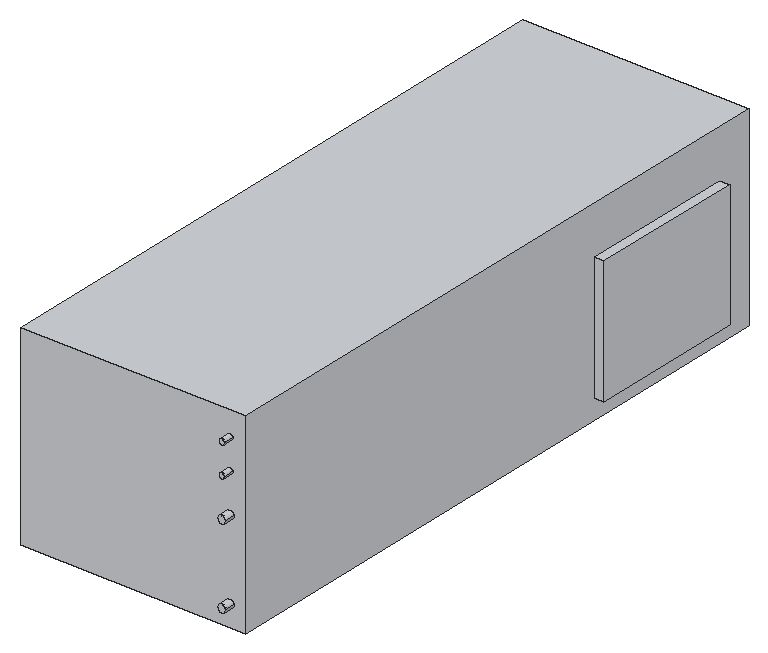
Revit family "5e941faf4a0d42d5ae8f11337c3e5ffb", category Mechanical Equipment, Revit 2021
Family settings
  Round Connector Dimension = Use Radius
  Part Type = Normal
  OmniClass Number = 23.75.10.21.17
  OmniClass Title = Water-Source Heat Pumps
  Seek Item ID = WSHP - Horizontal - High Efficiency - 2-5 Tons - Left Return - Right Discharge-0000-USA-ENU
  Work Plane-Based = No
  Always vertical = Yes
  Cut with Voids When Loaded = No
  Shared = No
  Room Calculation Point = No
Parameters (values of type "2 Tons")
  Water Supply Radius = 3/8"
  Water Supply Diameter = Water Supply Radius * 2  # 3/4"
  Water Return Radius = 3/8"
  Water Return Diameter = Water Return Radius * 2  # 3/4"
  Water Pressure Drop [instance] = 3.50 psi
  Water Flow [instance] = 8 GPM
  Voltage = 208 V
  Supply Air Width = 15 1/2"
  Supply Air Height = 12 1/2"
  Return Air Height = 17 77/256"
  Return Air Width = 32 13/128"
  Pump Width = 5' - 2 51/256"
  Pump Material = none
  Pump Length = 1' - 10 51/128"
  Pump Height = 1' - 7 77/256"
  Number of Poles = 3
  Load Classification = Cooling
  Hot Water Supply Radius = 1/4"
  Hot Water Supply Diameter = Hot Water Supply Radius * 2  # 1/2"
  Hot Water Return Radius = 1/4"
  Hot Water Return Diameter = Hot Water Return Radius * 2  # 1/2"
  Hot Water Flow [instance] = 5 GPM
  Default Elevation = 0' - 0"
  Condensate Radius = 3/8"
  Drain Flow [instance] = 0 GPM
  Condensate Diameter = Condensate Radius * 2  # 3/4"
  C6 Offset 1 = 0' - 2 51/256"
  C5 Offset 2 = 0' - 3 77/128"
  C5 Offset 1 = 0' - 2"
  C4 Offset 1 = 1' - 1 115/128"
  C3 Offset 1 = 1' - 4 115/128"
  C2 Offset 1 = 0' - 10"
  C1 Offset 1 = 0' - 2 13/128"
  Apparent Load = 3952 VA
  External Static Pressure [instance] = 0.60 in-wg
  Air Flow [instance] = 800 CFM
Types (5): name | Water Supply Radius | Water Supply Diameter | Water Return Radius | Water Return Diameter | Water Pressure Drop | Water Flow | Supply Air Width | Supply Air Height | Return Air Height | Return Air Width | Pump Width | Pump Length | Pump Height | Hot Water Flow | C5 Offset 2 | C5 Offset 1 | C4 Offset 1 | C3 Offset 1 | C2 Offset 1 | C1 Offset 1 | Apparent Load | External Static Pressure | Air Flow
  (no name) | 3/8" | 3/4" | 3/8" | 3/4" | 3.50 psi | 8 GPM | 15 1/2" | 12 1/2" | 17 77/256" | 32 13/128" | 5' - 2 51/256" | 1' - 10 51/128" | 1' - 7 77/256" | 5 GPM | 0' - 3 77/128" | 0' - 2" | 1' - 1 115/128" | 1' - 4 115/128" | 0' - 10" | 0' - 2 13/128" | 3952 VA | 0.60 in-wg | 800 CFM
  2 Tons | 3/8" | 3/4" | 3/8" | 3/4" | 3.50 psi | 8 GPM | 15 1/2" | 12 1/2" | 17 77/256" | 32 13/128" | 5' - 2 51/256" | 1' - 10 51/128" | 1' - 7 77/256" | 5 GPM | 0' - 3 77/128" | 0' - 2" | 1' - 1 115/128" | 1' - 4 115/128" | 0' - 10" | 0' - 2 13/128" | 3952 VA | 0.60 in-wg | 800 CFM
  3 Tons | 3/8" | 3/4" | 3/8" | 3/4" | 4.50 psi | 9 GPM | 17 1/2" | 19" | 19 77/256" | 36 13/128" | 5' - 11 51/256" | 2' - 1 51/128" | 1' - 9 77/256" | 8 GPM | 0' - 3 13/128" | 0' - 1" | 1' - 2 77/128" | 1' - 6 115/128" | 0' - 10 205/256" | 0' - 5 123/128" | 5283 VA | 0.60 in-wg | 1200 CFM
  4 Tons | 1/2" | 1" | 1/2" | 1" | 3.60 psi | 12 GPM | 17 1/2" | 19" | 19 77/256" | 41 13/128" | 6' - 4 51/256" | 2' - 1 51/128" | 1' - 9 77/256" | 10 GPM | 0' - 3 13/128" | 0' - 1" | 1' - 3 77/128" | 1' - 6 115/128" | 0' - 10 205/256" | 0' - 5 123/128" | 6780 VA | 0.80 in-wg | 1600 CFM
  5 Tons | 1/2" | 1" | 1/2" | 1" | 3.60 psi | 15 GPM | 17 1/2" | 19" | 19 77/256" | 46 13/128" | 6' - 9 51/256" | 2' - 1 51/128" | 1' - 9 77/256" | 13 GPM | 0' - 3 13/128" | 0' - 1" | 1' - 3 77/128" | 1' - 6 115/128" | 0' - 10 205/256" | 0' - 5 123/128" | 7696 VA | 0.80 in-wg | 2000 CFM
Reference planes (in)
  plane 1 "Center (Front/Back)": y = 0
  plane 2: z = 0
  plane 3 "Center (Left/Right)": x = 0
  plane 4: y = 62.19922
  plane 5: x = 22.39844
  plane 6: z = 19.30078
  plane 7: y = 60
  plane 8: y = 27.89844
  plane 9: z = 9.65039
  plane 10: z = 18.30078
  plane 11: z = 1
  plane 12: x = -1
  plane 13: y = 63.19922
  plane 14: z = 3.4
  plane 15: z = 3.4
  plane 16: x = 20.14844
  plane 17: z = 14.30078
  plane 18: x = 1.6
  plane 19: x = 20.79844
  plane 20: z = 2.10156
  plane 21: z = 10
  plane 22: z = 13.89844
  plane 23: z = 16.89844
  plane 24: y = -1
  plane 25: y = 58.59766
  plane 26: y = 43.09766
  plane 27: z = 2
  plane 28: z = 14.5
  plane 29: x = 23.39844
Forms (in)
  Extrusion 1, solid, material <- "Pump Material"
    sketch origin (0, 0, 0) x (1, 0, 0) y (0, 1, 0)
      loop
        line (0, 0) -> (22.39844, 0) -> (22.39844, 62.19922) -> (0, 62.19922) -> (0, 0)
    from 0 to 19.30078
  Extrusion 2, solid, material <- "Pump Material"
    sketch origin (0, 0, 0) x (0, 1, 0) y (0, 0, 1)
      loop
        line (60, 1) -> (60, 18.30078) -> (27.89844, 18.30078) -> (27.89844, 1) -> (60, 1)
    from -1 to 0
  Extrusion 3, solid, material <- "Pump Material"
    sketch origin (0, 0, 0) x (1, 0, 0) y (0, 0, 1)
      loop
        circle (20.14844, 3.4) r 0.375
    from -63.19922 to -62.19922
  Extrusion 4, solid, material <- "Pump Material"
    sketch origin (0, 0, 0) x (1, 0, 0) y (0, 0, 1)
      loop
        circle (1.6, 14.30078) r 1
    from -2.46248 to 0
  Extrusion 5, solid, material <- "Pump Material"
    sketch origin (0, 0, 0) x (1, 0, 0) y (0, 0, 1)
      loop
        circle (20.79844, 2.10156) r 0.375
    from 0 to 1
  Extrusion 6, solid, material <- "Pump Material"
    sketch origin (0, 0, 0) x (1, 0, 0) y (0, 0, 1)
      loop
        circle (20.79844, 10) r 0.375
    from 0 to 1
  Extrusion 7, solid, material <- "Pump Material"
    sketch origin (0, 0, 0) x (1, 0, 0) y (0, 0, 1)
      loop
        circle (20.79844, 13.89844) r 0.25
    from 0 to 1
  Extrusion 8, solid, material <- "Pump Material"
    sketch origin (0, 0, 0) x (1, 0, 0) y (0, 0, 1)
      loop
        circle (20.79844, 16.89844) r 0.25
    from 0 to 1
  Extrusion 9, solid, material <- "Pump Material"
    sketch origin (0, 0, 0) x (0, 1, 0) y (0, 0, 1)
      loop
        line (43.09766, 2) -> (58.59766, 2) -> (58.59766, 14.5) -> (43.09766, 14.5) -> (43.09766, 2)
    from 22.39844 to 23.39844
Cuts and joins
  joined: Extrusion 1, Extrusion 2, Extrusion 3, Extrusion 4, Extrusion 5, Extrusion 6, Extrusion 7, Extrusion 8, Extrusion 9
Dimensions and locks (in)
  "Pump Width": plane 4 to plane 1 "Center (Front/Back)"
  "Pump Length": plane 3 "Center (Left/Right)" to plane 5
  "Pump Height": plane 6 to level
  "C6 Offset 1": plane 4 to plane 7
  "Return Air Width": plane 7 to plane 8
  equal spacing: plane 11, plane 9, plane 10
  "Return Air Height": plane 11 to plane 10
  locked: plane 12 to Extrusion 1 at 1
  locked: plane 13 to plane 4 at 1
  locked: plane 2 to plane 15 at 3.4
  locked: plane 5 to plane 16 at 2.25
  locked: plane 18 to plane 3 "Center (Left/Right)" at 1.6
  locked: plane 6 to plane 17 at 5
  locked: plane 19 to plane 5 at 1.6
  "C1 Offset 1": plane 20 to plane 2
  "C2 Offset 1": plane 21 to level
  "C4 Offset 1": plane 22 to level
  "C3 Offset 1": plane 23 to level
  locked: plane 24 to plane 1 "Center (Front/Back)" at 1
  "C5 Offset 2": plane 25 to plane 4
  "Supply Air Width": plane 26 to plane 25
  "C5 Offset 1": plane 27 to plane 2
  "Supply Air Height": plane 28 to plane 27
  locked: plane 5 to plane 29 at 1
  equal spacing: plane 6, plane 9, level
  "Condensate Radius": radius of Extrusion 3 sketch curve
  radius of Extrusion 4 sketch curve = 0' - 1"
  "Water Supply Radius": radius of Extrusion 5 sketch curve
  "Water Return Radius": radius of Extrusion 6 sketch curve
  "Hot Water Return Radius": radius of Extrusion 7 sketch curve
  "Hot Water Supply Radius": radius of Extrusion 8 sketch curve
  aligned and locked: plane 3 "Center (Left/Right)" to Extrusion 1 sketch curve
  aligned and locked: plane 1 "Center (Front/Back)" to Extrusion 1 sketch curve
  aligned and locked: plane 4 to Extrusion 1 sketch curve
  aligned and locked: plane 5 to Extrusion 1 sketch curve
  aligned and locked: plane 6 to Extrusion 1
  aligned and locked: plane 7 to Extrusion 2 sketch curve
  aligned and locked: Extrusion 2 sketch curve to plane 11
  aligned and locked: plane 10 to Extrusion 2 sketch curve
  aligned and locked: Extrusion 2 sketch curve to plane 8
  aligned and locked: Extrusion 2 to plane 12
  aligned and locked: plane 3 "Center (Left/Right)" to Extrusion 2
  aligned and locked: Extrusion 1 to level
  aligned and locked: Extrusion 3 to plane 4
  aligned and locked: plane 15 to Extrusion 3 sketch curve
  aligned and locked: plane 16 to Extrusion 3 sketch curve
  aligned and locked: plane 17 to Extrusion 4 sketch curve
  aligned and locked: plane 18 to Extrusion 4 sketch curve
  aligned and locked: plane 20 to Extrusion 5 sketch curve
  aligned and locked: plane 19 to Extrusion 5 sketch curve
  aligned and locked: plane 19 to Extrusion 6 sketch curve
  aligned and locked: plane 21 to Extrusion 6 sketch curve
  aligned and locked: plane 19 to Extrusion 7 sketch curve
  aligned and locked: plane 22 to Extrusion 7 sketch curve
  aligned and locked: plane 19 to Extrusion 8 sketch curve
  aligned and locked: plane 23 to Extrusion 8 sketch curve
  aligned and locked: Extrusion 8 to plane 24
  aligned and locked: Extrusion 7 to Extrusion 8
  aligned and locked: Extrusion 6 to Extrusion 7
  aligned and locked: Extrusion 6 to Extrusion 5  (x2)
  aligned and locked: Extrusion 5 to plane 1 "Center (Front/Back)"
  aligned and locked: Extrusion 5 to Extrusion 1
  aligned and locked: Extrusion 8 to plane 1 "Center (Front/Back)"
  aligned and locked: plane 26 to Extrusion 9 sketch curve
  aligned and locked: Extrusion 9 sketch curve to plane 27
  aligned and locked: plane 28 to Extrusion 9 sketch curve
  aligned and locked: plane 25 to Extrusion 9 sketch curve
  aligned and locked: plane 29 to Extrusion 9
  aligned and locked: Extrusion 9 to plane 5
  aligned and locked: plane 13 to cut or joined group 1 (Extrusion 1, Extrusion 2, Extrusion 3, Extrusion 4, Extrusion 5, Extrusion 6, Extrusion 7, Extrusion 8, Extrusion 9)
Connectors (in)
  piping at (20.79844, -1, 2.10156), diameter 0.75, driven by "Water Supply Radius", driven by "Water Flow"
    settings: on Extrusion 5, index 1, connector inside diameter 3/4", connector length 0' - 0", flow factor 0, pipe flow 8 GPM, pressure drop 0.00 psi, fitting loss kfactor 0, connector angle 0.00°, fixture units 0, engagement length 0' - 0", angle of deflection 0.00°, flow configuration 1, flow direction 1, fitting loss method 0, system type 7, joint type 0, gender type 0, connector reference index 2, connector utility 0, adjustable connector no, is connector primary yes, connector description "Water Supply In"
  piping at (20.79844, -1, 10), diameter 0.75, driven by "Water Return Radius", driven by "Water Flow", driven by "Water Pressure Drop"
    settings: on Extrusion 6, index 2, connector inside diameter 3/4", connector length 0' - 0", flow factor 0, pipe flow 8 GPM, pressure drop 3.50 psi, fitting loss kfactor 0, connector angle 0.00°, fixture units 0, engagement length 0' - 0", angle of deflection 0.00°, flow configuration 1, flow direction 2, fitting loss method 4, system type 8, joint type 0, gender type 0, connector reference index 1, connector utility 0, adjustable connector no, is connector primary no, connector description "Water Return Out"
  piping at (20.79844, -1, 16.89844), diameter 0.5, driven by "Hot Water Flow", driven by "Hot Water Supply Radius"
    settings: on Extrusion 8, index 3, connector inside diameter 1/2", connector length 0' - 0", flow factor 0, pipe flow 5 GPM, pressure drop 0.00 psi, fitting loss kfactor 0, connector angle 0.00°, fixture units 0, engagement length 0' - 0", angle of deflection 0.00°, flow configuration 0, flow direction 2, fitting loss method 0, system type 7, joint type 0, gender type 0, connector reference index 4, connector utility 0, adjustable connector no, is connector primary no, connector description "Hot Water Supply Out"
  piping at (20.79844, -1, 13.89844), diameter 0.5, driven by "Hot Water Return Radius", driven by "Hot Water Flow"
    settings: on Extrusion 7, index 4, connector inside diameter 1/2", connector length 0' - 0", flow factor 0, pipe flow 5 GPM, pressure drop 0.00 psi, fitting loss kfactor 0, connector angle 0.00°, fixture units 0, engagement length 0' - 0", angle of deflection 0.00°, flow configuration 0, flow direction 1, fitting loss method 0, system type 8, joint type 0, gender type 0, connector reference index 3, connector utility 0, adjustable connector no, is connector primary no, connector description "Hot Water Return In"
  hvac at (23.39844, 50.84766, 8.25), driven by "Air Flow", driven by "Supply Air Height", driven by "Supply Air Width"
    settings: on Extrusion 9, index 5, duct flow 800 CFM, flow factor 0, pres drop 0.00 in-wg, loss coef 0, conn angle 0.00°, conn width 15 1/2", conn height 12 1/2", conn diameter 24", duct sys type 1, conn prof type 1, flow config 0, flow direction 2, loss method 0, conn ref index 6, conn util no, is conn primary yes, conn desc ""
  hvac at (-1, 43.94922, 9.65039), driven by "Air Flow", driven by "Return Air Height", driven by "Return Air Width"
    settings: on cut or joined group 1, index 6, duct flow 800 CFM, flow factor 0, pres drop 0.00 in-wg, loss coef 0, conn angle 0.00°, conn width 32 13/128", conn height 17 77/256", conn diameter 24", duct sys type 2, conn prof type 1, flow config 0, flow direction 1, loss method 0, conn ref index 5, conn util no, is conn primary no, conn desc ""
  piping at (20.14844, 63.19922, 3.4), diameter 0.75, driven by "Drain Flow", driven by "Condensate Radius"
    settings: on cut or joined group 1, index 7, connector inside diameter 3/4", connector length 0' - 0", flow factor 0, pipe flow 0 GPM, pressure drop 0.00 psi, fitting loss kfactor 0, connector angle 0.00°, fixture units 0, engagement length 0' - 0", angle of deflection 0.00°, flow configuration 1, flow direction 2, fitting loss method 0, system type 16, joint type 0, gender type 0, connector reference index -1, connector utility 0, adjustable connector yes, is connector primary no, connector description "Condensate Out"
  electrical at (1.6, 0, 14.30078), driven by "Apparent Load", driven by "Voltage", driven by "Number of Poles", driven by "Load Classification"
    settings: on Extrusion 4, index 8, voltage 208 V, apparent load 3952 VA, apparent load phase1 0 VA, apparent load phase2 0 VA, apparent load phase3 0 VA, power factor 0.8, load classification "Cooling", number of poles 3, system type 30, power factor state 1, is connector primary yes, connector utility no, sub classification motor no, connector description ""
